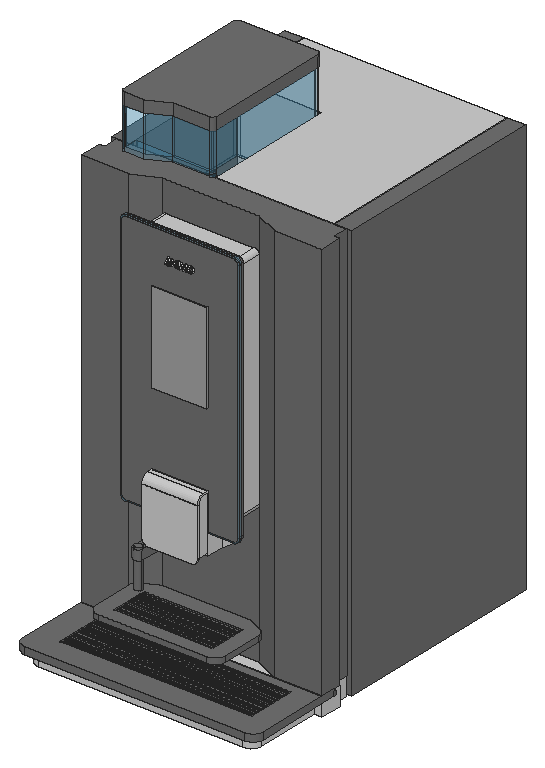
Revit family "QF_Animo_OPTIBEANTOUCH", category Specialty Equipment, Revit 2014
Parameters (values of type "1004906")
  volume [instance] = 0.18
  pricelist [instance] = "Animo Zero Pricelist"
  noPrintable [instance] = yes
  language [instance] = "English"
  currency [instance] = "€"
  Zone ID [instance] = ""
  Weight in Pounds [instance] = 0
  Weight [instance] = 0.00 kg
  Watts [instance] = 2275 W
  Waste Remarks [instance] = ""
  Warranty Start Date [instance] = ""
  Warranty Duration [instance] = ""
  Volts [instance] = 240 V
  Volt Free Conn [instance] = yes
  Ventilation Remarks [instance] = ""
  URL Recommended Spares List [instance] = ""
  URL Manufacturer [instance] = ""
  URL Cutsheet [instance] = ""
  URL Critical Spares List [instance] = ""
  UM [instance] = "NR"
  Type Comments [instance] = ""
  Tags [instance] = ""
  Tag Number [instance] = ""
  SupplierCode [instance] = "0281"
  Status [instance] = ""
  Start Up Current [instance] = 0 A
  Specification by User [instance] = ""
  Specification by Manufacturer [instance] = ""
  Specifi_ZoneProgressive [instance] = 0
  Specifi_ZoneOrder [instance] = 0
  Specifi_ZoneName [instance] = ""
  Specifi_ZoneCode [instance] = ""
  Specifi_ShortDescription [instance] = "OPTIBEAN 3 TOUCH INSTANT COFFEE VENDING MACHINE"
  Specifi_ScheduleProgressive [instance] = 0
  Specifi_ParentElementId [instance] = 0
  Specifi_LongDescription [instance] = "ergy label A +\n TECHNICAL SPECIFICATIONS  \n+ Brewing time per cup (120 ml): 25-30 sec  \n+ Hourly capacity: 120 cups (120 ml) / 14 l  \n+ Capacity brewer: 6.5 – 9.5 gr / 50-150 ml  \n+ Capacity XL brewer: 9.5 – 13.4 gr / 150-230 ml  \n+ Capacity boiler: 1.1 l (1800W)  \n+ Display: 7” touchscreen  \n+ Adjustable cup tray: 60 - 155 mm  \n+ Max. tap height: 167 mm  \n+ Rotary pump (Procon®): 10 bar  \n+ Power supply: 220-240V / 50-60Hz / 2275W  \n+ Water connection: 3⁄4”  \n+ Waste canister volume: 7 l (±130 cups) \nOPTIONS  \n+ Coloured front in any RAL colour  \n+ Compatible with many payment systems  \n+ Prepared for telemetry  \n+ Cup sensor  \n+ Hot and cold from one machine (cooling unit in base cabinet)  \n+ Company specific branding on the exterior of the machine"
  Specifi_IsParent [instance] = yes
  Specifi_EquipmentData [instance] = "(OPTIBEAN 3 TOUCH\t1004906\t1\tANIMO\tANIMO\tOPTIBEAN 3 TOUCH INSTANT COFFEE VENDING MACHINE\t1\t1004906.dwg\t1004906.jpg\t\t€\t0\t409\t565\t792\t0\t0.18\t0\t0\t0\t0\t0\tNR\tEnglish\tFalse\t\t\t\tQF_Animo_OPTIBEANTOUCH.rfa,1004906)"
  Specifi_ConnectionsData [instance] = "(E\t2.275\t240\t0\t50\t1\t\t\t\t\t52.5\t\t\t70\t0)(CW\t\t3/4\"\t0\t0\t0\t0\t\t\t\t55\t\t\t340\t20)"
  Sound Level [instance] = ""
  Solid Fuel Type [instance] = ""
  Show Clearance [instance] = yes
  Service Life Duration [instance] = ""
  Serial Number [instance] = ""
  Seismic Rating [instance] = ""
  SMACNA No [instance] = ""
  RevitItem [instance] = "QF_Animo_OPTIBEANTOUCH.rfa,1004906"
  Revision Code [instance] = ""
  Revision [instance] = ""
  Pwidth [instance] = 0
  Production Year [instance] = ""
  ProductType [instance] = 1
  ProductSKU [instance] = ""
  ProductCode [instance] = "1004906"
  Potential Equalisation [instance] = yes
  Point Load [instance] = 0
  Plumbing Remarks [instance] = ""
  Plumbing Connection Type [instance] = ""
  Pheight [instance] = 0
  Phase [instance] = 1
  PWeight [instance] = 0
  PVolume [instance] = 0
  PDepth [instance] = 0
  OutProduction [instance] = yes
  Operational Current [instance] = 0 A
  No-Load Power Draw [instance] = yes
  NAFEM Spec ID Number [instance] = ""
  Model Warning [instance] = ""
  Model = "OPTIBEAN 3 TOUCH"
  Model [instance] = ""
  Min Ckt Ampacity [instance] = 0 A
  Mechanical Remarks [instance] = ""
  Max Overcurrent Protection [instance] = 0 A
  Masterspec [instance] = ""
  Manufacturer = "ANIMO"
  Manufacturer [instance] = "ANIMO"
  Main switch integrated [instance] = yes
  MU Air RI Height [instance] = 0 mm
  ListPrice [instance] = 0
  Length Actual [instance] = 409 mm
  Item Number [instance] = ""
  InternalTags [instance] = ""
  Installed By [instance] = ""
  Installation Date [instance] = ""
  Image [instance] = "1004906.jpg"
  Identify Quantity as Lot [instance] = yes
  ID [instance] = ""
  Height Actual [instance] = 792 mm
  HP [instance] = "3.05"
  Furnished By [instance] = "ANIMO"
  Foodservice Equipment Identifier [instance] = yes
  FL Amps [instance] = 0 A
  Exhaust RI Height [instance] = 0 mm
  Exhaust Air Temperature [instance] = -273.15 °C
  Exhaust Air Humidity [instance] = 0
  Electrical Remarks [instance] = ""
  Electric Connection Type [instance] = ""
  Elec Conn RI Height [instance] = 0 mm
  Elec Conn Connection Height [instance] = 0 mm
  ETL Approved [instance] = yes
  E-PosY [instance] = 52.5 mm
  E-PosX [instance] = 70 mm
  E-ConnectorSide [instance] = ""
  Digital Interface [instance] = ""
  Description = "OPTIBEAN 3 TOUCH INSTANT COFFEE VENDING MACHINE"
  Description [instance] = "1004906.dwg"
  Depth Actual [instance] = 565 mm
  DWG [instance] = ""
  Cycle [instance] = 50 Hz
  Conn Plug [instance] = ""
  Conn Conduit [instance] = yes
  Condensate Return RI Height [instance] = 0 mm
  Cold Water Temperature Recommended [instance] = -273.15 °C
  Cold Water Size [instance] = 3/4"
  Cold Water RI Height [instance] = 0 mm
  Cold Water Quality [instance] = ""
  Cold Water Minimum Pressure [instance] = 0.0 Pa
  Cold Water Maximum Pressure [instance] = 0.0 Pa
  Cold Water Flow [instance] = 0.0 L/s
  Cold Water Consumption [instance] = 0.0 L/s
  Cold Water Connection Height [instance] = 55 mm
  CW-PosY [instance] = 20 mm
  CW-PosX [instance] = 340 mm
  CW-ConnectorSide [instance] = ""
  CSI MasterFormat [instance] = ""
  CE Approved [instance] = yes
  Barcode [instance] = 0
  Author [instance] = "SPECIFI"
  Asset Identifier [instance] = ""
  Assembly Code = "E1090320"
  Approval URL [instance] = ""
  Apparent Power [instance] = 0 VA
  AccessoryType [instance] = 1
  Accessory [instance] = yes
Reference planes
  plane 1 "Back": y = 0
  plane 2: z = 0
  plane 3 "Left": x = 0
  plane 4 "Right": x = 402
  plane 5 "Front": y = -565
  plane 6 "Top": z = 703.685
Forms (mm)
  Extrusion 1, solid
    sketch origin (-500, 0, 0) x (1, 0, 0) y (0, 1, 0)
      loop
        line (500, -390.191) -> (500, -425.191) -> (579.446, -425.191) -> (619.2, -406.011) -> (781.2, -406.011) -> (822.554, -425.191) -> (902, -425.191) -> (902, -390.191) -> (899.784, -387.975) -> (894.784, -387.975) -> (892.8, -385.991) -> (892.8, -362.601) -> (509.2, -362.601) -> (509.2, -385.991) -> (507.216, -387.975) -> (502.216, -387.975) -> (500, -390.191)
    from 34.648 to 703.685
  Extrusion 2, solid
    sketch origin (-498.603, 0, 0) x (1, 0, 0) y (0, 1, 0)
      loop
        line (529.403, -362.4) -> (529.403, 0) -> (498.603, 0) -> (498.603, -362.4) -> (529.403, -362.4)
      loop
        line (900.603, -362.4) -> (900.603, 0) -> (869.803, 0) -> (869.803, -362.4) -> (900.603, -362.4)
    from 7.785 to 703.685
  Extrusion 3, solid
    sketch origin (-498.603, 0, 0) x (1, 0, 0) y (0, 1, 0)
      loop
        line (529.403, 0) -> (529.403, -140) -> (672.603, -140) -> (672.603, -362.1) -> (869.803, -362.1) -> (869.803, 0) -> (529.403, 0)
    from 703.685 to 75.731
  Extrusion 4, solid
    sketch origin (-498.603, -3.434, 0) x (1, 0, 0) y (0, 1, 0)
      loop
        arc (671.824, -143.963) -> (669.92, -139.365) -> (665.322, -137.461) r 6.502
        line (665.322, -137.461) -> (536.997, -137.461)
        arc (536.997, -137.461) -> (532.399, -139.365) -> (530.495, -143.963) r 6.502
        line (530.495, -143.963) -> (530.495, -351.665)
        arc (530.495, -351.665) -> (532.399, -356.262) -> (536.997, -358.167) r 6.502
        line (536.997, -358.167) -> (665.322, -358.167)
        arc (665.322, -358.167) -> (669.92, -356.262) -> (671.824, -351.665) r 6.502
        line (671.824, -351.665) -> (671.824, -143.963)
      loop
        arc (536.997, -142.461) -> (535.935, -142.901) -> (535.495, -143.963) r 1.502
        line (535.495, -143.963) -> (535.495, -351.665)
        arc (535.495, -351.665) -> (535.935, -352.727) -> (536.997, -353.167) r 1.502
        line (536.997, -353.167) -> (665.322, -353.167)
        arc (665.322, -353.167) -> (666.384, -352.727) -> (666.824, -351.665) r 1.502
        line (666.824, -351.665) -> (666.824, -143.963)
        arc (666.824, -143.963) -> (666.384, -142.901) -> (665.322, -142.461) r 1.502
        line (665.322, -142.461) -> (536.997, -142.461)
    from 703.685 to 591.789
  Extrusion 5, solid
    sketch origin (-498.603, -3.434, 703.685) x (1, 0, 0) y (0, 1, 0)
      loop
        arc (671.824, -143.963) -> (669.92, -139.365) -> (665.322, -137.461) r 6.502
        line (665.322, -137.461) -> (536.997, -137.461)
        arc (536.997, -137.461) -> (532.399, -139.365) -> (530.495, -143.963) r 6.502
        line (530.495, -143.963) -> (530.495, -374.06)
        arc (530.495, -374.06) -> (532.399, -378.657) -> (536.997, -380.562) r 6.502
        line (536.997, -380.562) -> (570.005, -380.562) -> (604.145, -363.167) -> (665.322, -363.167)
        arc (665.322, -363.167) -> (669.92, -361.262) -> (671.824, -356.665) r 6.502
        line (671.824, -356.665) -> (671.824, -143.963)
      loop
        arc (536.997, -142.461) -> (535.935, -142.901) -> (535.495, -143.963) r 1.502
        line (535.495, -143.963) -> (535.495, -351.665)
        arc (535.495, -351.665) -> (535.935, -352.727) -> (536.997, -353.167) r 1.502
        line (536.997, -353.167) -> (665.322, -353.167)
        arc (665.322, -353.167) -> (666.384, -352.727) -> (666.824, -351.665) r 1.502
        line (666.824, -351.665) -> (666.824, -143.963)
        arc (666.824, -143.963) -> (666.384, -142.901) -> (665.322, -142.461) r 1.502
        line (665.322, -142.461) -> (536.997, -142.461)
    from 0 to 5
  Extrusion 6, solid
    sketch origin (-498.603, -3.434, 708.685) x (1, 0, 0) y (0, 1, 0)
      loop
        arc (671.824, -143.963) -> (669.92, -139.365) -> (665.322, -137.461) r 6.502
        line (665.322, -137.461) -> (536.997, -137.461)
        arc (536.997, -137.461) -> (532.399, -139.365) -> (530.495, -143.963) r 6.502
        line (530.495, -143.963) -> (530.495, -374.06)
        arc (530.495, -374.06) -> (532.399, -378.657) -> (536.997, -380.562) r 6.502
        line (536.997, -380.562) -> (570.005, -380.562) -> (604.145, -363.167) -> (665.322, -363.167)
        arc (665.322, -363.167) -> (669.92, -361.262) -> (671.824, -356.665) r 6.502
        line (671.824, -356.665) -> (671.824, -143.963)
      loop
        arc (536.997, -142.461) -> (535.935, -142.901) -> (535.495, -143.963) r 1.502
        line (535.495, -143.963) -> (535.495, -374.06)
        arc (535.495, -374.06) -> (535.935, -375.122) -> (536.997, -375.562) r 1.502
        line (536.997, -375.562) -> (568.805, -375.562) -> (602.945, -358.167) -> (665.322, -358.167)
        arc (665.322, -358.167) -> (666.384, -357.727) -> (666.824, -356.665) r 1.502
        line (666.824, -356.665) -> (666.824, -143.963)
        arc (666.824, -143.963) -> (666.384, -142.901) -> (665.322, -142.461) r 1.502
        line (665.322, -142.461) -> (536.997, -142.461)
    from 0 to 65.1
  Extrusion 7, solid
    sketch origin (-498.603, -3.434, 773.785) x (1, 0, 0) y (0, 1, 0)
      loop
        arc (671.824, -143.963) -> (669.92, -139.365) -> (665.322, -137.461) r 6.502
        line (665.322, -137.461) -> (536.997, -137.461)
        arc (536.997, -137.461) -> (532.399, -139.365) -> (530.495, -143.963) r 6.502
        line (530.495, -143.963) -> (530.495, -374.06)
        arc (530.495, -374.06) -> (532.399, -378.657) -> (536.997, -380.562) r 6.502
        line (536.997, -380.562) -> (570.005, -380.562) -> (604.145, -363.167) -> (665.322, -363.167)
        arc (665.322, -363.167) -> (669.92, -361.262) -> (671.824, -356.665) r 6.502
        line (671.824, -356.665) -> (671.824, -143.963)
    from 0 to 20
  Extrusion 8, solid
    sketch origin (-500, 0, 0) x (1, 0, 0) y (0, 0, 1)
      loop
        line (773.2, 652.585) -> (627.2, 652.585)
        arc (627.2, 652.585) -> (621.543, 650.242) -> (619.2, 644.585) r 8
        line (619.2, 644.585) -> (619.2, 270.585)
        arc (619.2, 270.585) -> (621.543, 264.928) -> (627.2, 262.585) r 8
        line (627.2, 262.585) -> (773.2, 262.585)
        arc (773.2, 262.585) -> (778.857, 264.928) -> (781.2, 270.585) r 8
        line (781.2, 270.585) -> (781.2, 644.585)
        arc (781.2, 644.585) -> (778.857, 650.242) -> (773.2, 652.585) r 8
    from 406.011 to 459.991
  Extrusion 9, solid
    sketch origin (-500, 0, 0) x (1, 0, 0) y (0, 1, 0)
      loop
        line (753.079, -406.011) -> (647.321, -406.011) -> (647.321, -420.491) -> (653.093, -442.034) -> (653.574, -469.58) -> (746.826, -469.58) -> (747.307, -442.034) -> (753.079, -420.491) -> (753.079, -406.011)
    from 210.236 to 306.931
  Extrusion 10, solid
    sketch origin (-500, -489.133, -0.533) x (1, 0, 0) y (0, 0, 1)
      loop
        line (653.574, 295.466) -> (653.574, 214.245)
        arc (653.574, 214.245) -> (656.508, 207.162) -> (663.591, 204.228) r 10.017
        line (663.591, 204.228) -> (736.809, 204.228)
        arc (736.809, 204.228) -> (743.892, 207.162) -> (746.826, 214.245) r 10.017
        line (746.826, 214.245) -> (746.826, 295.466) -> (653.574, 295.466)
    from 0 to 2
  Extrusion 11, solid
    sketch origin (-500, 0, -0.533) x (0, 1, 0) y (0, 0, 1)
      loop
        arc (-479.135, 307.464) -> (-487.619, 303.95) -> (-491.133, 295.466) r 11.998
        line (-491.133, 295.466) -> (-489.133, 295.466)
        arc (-489.133, 295.466) -> (-486.205, 302.536) -> (-479.135, 305.464) r 9.998
        line (-479.135, 305.464) -> (-469.58, 305.464) -> (-469.58, 307.464) -> (-479.135, 307.464)
    from 653.574 to 746.826
  Extrusion 12, solid
    sketch origin (0, 0, 0) x (0, 1, 0) y (0, 0, 1)
      loop
        line (-489.133, 214.245) -> (-469.58, 214.245) -> (-469.58, 304.931) -> (-479.135, 304.931)
        arc (-479.135, 304.931) -> (-486.205, 302.002) -> (-489.133, 294.932) r 9.998
        line (-489.133, 294.932) -> (-489.133, 214.245)
    from 246.467 to 153.574
  Extrusion 13, solid
    sketch origin (-500, 0, 0) x (1, 0, 0) y (0, 0, 1)
      loop
        arc (610.2, 669.585) -> (605.25, 667.535) -> (603.2, 662.585) r 7
        line (603.2, 662.585) -> (603.2, 252.585)
        arc (603.2, 252.585) -> (605.25, 247.636) -> (610.2, 245.585) r 7
        line (610.2, 245.585) -> (654.259, 245.585) -> (654.259, 307.464) -> (746.141, 307.464) -> (746.141, 245.585) -> (790.2, 245.585)
        arc (790.2, 245.585) -> (795.15, 247.636) -> (797.2, 252.585) r 7
        line (797.2, 252.585) -> (797.2, 662.585)
        arc (797.2, 662.585) -> (795.15, 667.535) -> (790.2, 669.585) r 7
        line (790.2, 669.585) -> (610.2, 669.585)
    from 459.991 to 469.566
  Extrusion 14, solid
    sketch origin (-500, -120, 0) x (1, 0, 0) y (0, 0, 1)
      loop
        line (610.2, 669.585) -> (790.2, 669.585)
        arc (790.2, 669.585) -> (795.15, 667.535) -> (797.2, 662.585) r 7
        line (797.2, 662.585) -> (797.2, 252.585)
        arc (797.2, 252.585) -> (795.15, 247.636) -> (790.2, 245.585) r 7
        line (790.2, 245.585) -> (746.141, 245.585) -> (746.141, 242.585) -> (790.2, 242.585)
        arc (790.2, 242.585) -> (797.271, 245.514) -> (800.2, 252.585) r 10
        line (800.2, 252.585) -> (800.2, 662.585)
        arc (800.2, 662.585) -> (797.271, 669.656) -> (790.2, 672.585) r 10
        line (790.2, 672.585) -> (610.2, 672.585)
        arc (610.2, 672.585) -> (603.129, 669.656) -> (600.2, 662.585) r 10
        line (600.2, 662.585) -> (600.2, 252.585)
        arc (600.2, 252.585) -> (603.129, 245.514) -> (610.2, 242.585) r 10
        line (610.2, 242.585) -> (654.259, 242.585) -> (654.259, 245.585) -> (610.2, 245.585)
        arc (610.2, 245.585) -> (605.25, 247.636) -> (603.2, 252.585) r 7
        line (603.2, 252.585) -> (603.2, 662.585)
        arc (603.2, 662.585) -> (605.25, 667.535) -> (610.2, 669.585) r 7
    from 345 to 349.566
  Extrusion 15, solid
    sketch origin (-500, -469.566, 0) x (1, 0, 0) y (0, 0, 1)
      loop
        line (654.7, 582.585) -> (654.7, 430.585) -> (745.7, 430.585) -> (745.7, 582.585) -> (654.7, 582.585)
    from 0 to 2
  Extrusion 16, solid, visible <- "Show Clearance"
    sketch origin (-500, -469.566, 0) x (1, 0, 0) y (0, 0, 1)
      loop
        line (676.45, 623.922) -> (677.642, 623.922) -> (681.258, 631.675) -> (684.681, 623.922) -> (686.065, 623.922) -> (681.258, 635.2) -> (676.45, 623.922)
      loop
        line (686.987, 623.922) -> (688.064, 623.922) -> (688.064, 630.993) -> (695.136, 623.922) -> (696.273, 623.922) -> (696.273, 634.164) -> (695.136, 634.164) -> (695.136, 625.946) -> (686.987, 634.095) -> (686.987, 623.922)
      loop
        line (698.118, 634.164) -> (698.118, 623.922) -> (699.253, 623.922) -> (699.253, 634.164) -> (698.118, 634.164)
      loop
        line (700.762, 623.922) -> (701.883, 623.922) -> (703.255, 631.701) -> (706.885, 623.186) -> (710.143, 630.829) -> (711.571, 623.922) -> (712.691, 623.922) -> (710.574, 634.164) -> (709.453, 634.164) -> (706.622, 627.522) -> (703.689, 634.164) -> (702.568, 634.164) -> (700.762, 623.922)
      loop
        circle (718.601, 629.021) r 5.143
      loop
        circle (718.601, 629.021) r 4.034
      loop
        circle (681.032, 623.922) r 1.435
    from 0 to 2
  Extrusion 17, solid
    sketch origin (-500, 0, 0) x (1, 0, 0) y (0, 1, 0)
      loop
        line (598.815, -416.144) -> (598.454, -439.586)
        arc (598.454, -439.586) -> (605.409, -447.747) -> (614.569, -442.173) r 8.265
        line (614.569, -442.173) -> (615.157, -408.524) -> (598.815, -416.144)
    from 145 to 160.101
  Extrusion 18, solid
    sketch origin (-500, 0, 0) x (1, 0, 0) y (0, 1, 0)
      loop
        circle (606.4, -439.772) r 6.186
    from 41.241 to 162.271
  Extrusion 19, solid
    sketch origin (-500, 0, -102.5) x (1, 0, 0) y (0, 1, 0)
      loop
        line (598.815, -416.144) -> (598.454, -439.586)
        arc (598.454, -439.586) -> (605.409, -447.747) -> (614.569, -442.173) r 8.265
        line (614.569, -442.173) -> (615.157, -408.524) -> (598.815, -416.144)
    from 145 to 160.101
  Extrusion 20, solid
    sketch origin (-500, 0, 0) x (1, 0, 0) y (0, 1, 0)
      loop
        line (592.478, -439.964) -> (592.478, -509.772)
        arc (592.478, -509.772) -> (597.523, -521.95) -> (609.7, -526.994) r 17.222
        line (609.7, -526.994) -> (790.7, -526.994)
        arc (790.7, -526.994) -> (802.877, -521.95) -> (807.922, -509.772) r 17.222
        line (807.922, -509.772) -> (807.922, -439.964)
        arc (807.922, -439.964) -> (806.08, -433.09) -> (801.048, -428.058) r 13.747
        line (801.048, -428.058) -> (778.578, -417.099) -> (772.802, -415.551) -> (627.598, -415.551) -> (621.822, -417.099) -> (599.352, -428.058)
        arc (599.352, -428.058) -> (594.32, -433.09) -> (592.478, -439.964) r 13.747
      loop
        line (618.4, -441.798) -> (618.4, -505.747) -> (782, -505.747) -> (782, -441.798) -> (618.4, -441.798)
    from 90 to 99.2
  Extrusion 21, solid
    sketch origin (0, 0, 94.2) x (1, 0, 0) y (0, 1, 0)
      loop
        line (118.4, -501.78) -> (282, -501.78) -> (282, -499.28) -> (118.4, -499.28) -> (118.4, -501.78)
      loop
        line (118.4, -492.105) -> (282, -492.105) -> (282, -489.605) -> (118.4, -489.605) -> (118.4, -492.105)
      loop
        line (118.4, -496.943) -> (282, -496.943) -> (282, -494.443) -> (118.4, -494.443) -> (118.4, -496.943)
      loop
        line (118.4, -487.267) -> (282, -487.267) -> (282, -484.767) -> (118.4, -484.767) -> (118.4, -487.267)
      loop
        line (118.4, -482.429) -> (282, -482.429) -> (282, -479.929) -> (118.4, -479.929) -> (118.4, -482.429)
      loop
        line (118.4, -477.591) -> (282, -477.591) -> (282, -475.091) -> (118.4, -475.091) -> (118.4, -477.591)
      loop
        line (118.4, -472.437) -> (282, -472.437) -> (282, -469.937) -> (118.4, -469.937) -> (118.4, -472.437)
      loop
        line (118.4, -467.6) -> (282, -467.6) -> (282, -465.1) -> (118.4, -465.1) -> (118.4, -467.6)
      loop
        line (118.4, -462.762) -> (282, -462.762) -> (282, -460.262) -> (118.4, -460.262) -> (118.4, -462.762)
      loop
        line (118.4, -457.924) -> (282, -457.924) -> (282, -455.424) -> (118.4, -455.424) -> (118.4, -457.924)
      loop
        line (118.4, -453.086) -> (282, -453.086) -> (282, -450.586) -> (118.4, -450.586) -> (118.4, -453.086)
      loop
        line (118.4, -448.248) -> (282, -448.248) -> (282, -445.748) -> (118.4, -445.748) -> (118.4, -448.248)
    from 0 to 5
  Extrusion 22, solid
    sketch origin (0, 0, 0) x (1, 0, 0) y (0, 1, 0)
      loop
        circle (106.4, -439.772) r 12.086
    from 90 to 69.831
  Extrusion 23, solid
    sketch origin (-500, -38.006, 0) x (1, 0, 0) y (0, 1, 0)
      loop
        line (500, -361.874) -> (500, -509.772)
        arc (500, -509.772) -> (505.044, -521.95) -> (517.222, -526.994) r 17.222
        line (517.222, -526.994) -> (884.778, -526.994)
        arc (884.778, -526.994) -> (896.956, -521.95) -> (902, -509.772) r 17.222
        line (902, -509.772) -> (902, -361.874)
        arc (902, -361.874) -> (900.158, -355.001) -> (895.126, -349.969) r 13.747
        line (895.126, -349.969) -> (506.874, -349.969)
        arc (506.874, -349.969) -> (501.842, -355.001) -> (500, -361.874) r 13.747
      loop
        line (544.388, -403.239) -> (544.388, -487.294) -> (862.872, -487.294) -> (862.872, -403.239) -> (544.388, -403.239)
    from 34.648 to 23.5
  Extrusion 24, solid
    sketch origin (-74.012, -19.553, 29.648) x (1, 0, 0) y (0, 1, 0)
      loop
        line (118.4, -503.78) -> (436.883, -503.78) -> (436.883, -501.28) -> (118.4, -501.28) -> (118.4, -503.78)
      loop
        line (118.4, -494.105) -> (436.883, -494.105) -> (436.883, -491.605) -> (118.4, -491.605) -> (118.4, -494.105)
      loop
        line (118.4, -498.943) -> (436.883, -498.943) -> (436.883, -496.443) -> (118.4, -496.443) -> (118.4, -498.943)
      loop
        line (118.4, -489.267) -> (436.883, -489.267) -> (436.883, -486.767) -> (118.4, -486.767) -> (118.4, -489.267)
      loop
        line (118.4, -484.429) -> (436.883, -484.429) -> (436.883, -481.929) -> (118.4, -481.929) -> (118.4, -484.429)
      loop
        line (118.4, -479.591) -> (436.883, -479.591) -> (436.883, -477.091) -> (118.4, -477.091) -> (118.4, -479.591)
      loop
        line (118.4, -474.437) -> (436.883, -474.437) -> (436.883, -471.937) -> (118.4, -471.937) -> (118.4, -474.437)
      loop
        line (118.4, -469.6) -> (436.883, -469.6) -> (436.883, -467.1) -> (118.4, -467.1) -> (118.4, -469.6)
      loop
        line (118.4, -464.762) -> (436.883, -464.762) -> (436.883, -462.262) -> (118.4, -462.262) -> (118.4, -464.762)
      loop
        line (118.4, -459.924) -> (436.883, -459.924) -> (436.883, -457.424) -> (118.4, -457.424) -> (118.4, -459.924)
      loop
        line (118.4, -455.086) -> (436.883, -455.086) -> (436.883, -452.586) -> (118.4, -452.586) -> (118.4, -455.086)
      loop
        line (118.4, -450.248) -> (436.883, -450.248) -> (436.883, -447.748) -> (118.4, -447.748) -> (118.4, -450.248)
      loop
        line (118.4, -445.41) -> (436.883, -445.41) -> (436.883, -442.91) -> (118.4, -442.91) -> (118.4, -445.41)
      loop
        line (118.4, -440.573) -> (436.883, -440.573) -> (436.883, -438.073) -> (118.4, -438.073) -> (118.4, -440.573)
      loop
        line (118.4, -435.735) -> (436.883, -435.735) -> (436.883, -433.235) -> (118.4, -433.235) -> (118.4, -435.735)
      loop
        line (118.4, -430.897) -> (436.883, -430.897) -> (436.883, -428.397) -> (118.4, -428.397) -> (118.4, -430.897)
      loop
        line (118.4, -426.059) -> (436.883, -426.059) -> (436.883, -423.559) -> (118.4, -423.559) -> (118.4, -426.059)
    from 0 to 5
  Extrusion 25, solid
    sketch origin (-497.903, 0, 0) x (1, 0, 0) y (0, 1, 0)
      loop
        line (529.103, -0.8) -> (529.103, -395.25) -> (869.103, -395.25) -> (869.103, -0.8) -> (529.103, -0.8)
    from 3 to 75.731
  Extrusion 26, solid
    sketch origin (-500, 0, 0) x (1, 0, 0) y (0, 1, 0)
      loop
        line (501.7, -425.291) -> (901.7, -425.291) -> (901.7, -388.641) -> (892.481, -388.641) -> (892.481, -363.291) -> (510.919, -363.291) -> (510.919, -388.641) -> (501.7, -388.641) -> (501.7, -425.291)
    from 3 to 34.648
  Extrusion 27, solid
    sketch origin (-500, 0, 0) x (1, 0, 0) y (0, 1, 0)
      loop
        line (512.05, -423.641) -> (512.05, -533.641)
        arc (512.05, -533.641) -> (517.228, -546.141) -> (529.728, -551.318) r 17.678
        line (529.728, -551.318) -> (871.056, -551.318)
        arc (871.056, -551.318) -> (883.556, -546.141) -> (888.734, -533.641) r 17.678
        line (888.734, -533.641) -> (888.734, -423.641) -> (512.05, -423.641)
    from 23.5 to 3.137
  Extrusion 28, solid
    sketch origin (-500, 2, 0) x (1, 0, 0) y (0, 0, 1)
      loop
        line (587.553, 66.635) -> (552.053, 66.635) -> (552.053, 39.135) -> (587.553, 39.135) -> (587.553, 66.635)
    from 0 to 2
  Extrusion 29, solid
    sketch origin (-512.434, 0, 0) x (1, 0, 0) y (0, 0, 1)
      loop
        circle (848.353, 53.685) r 13.35
      loop
        circle (848.353, 53.685) r 11.35
    from 15.25 to -18.59
  Extrusion 30, solid
    sketch origin (-500, 0, 0) x (1, 0, 0) y (0, 1, 0)
      loop
        circle (519.103, -49.802) r 7.302
      loop
        circle (519.103, -332.298) r 7.302
      loop
        circle (879.897, -49.802) r 7.302
      loop
        circle (879.897, -332.298) r 7.302
    from 0 to 7.785
Cuts and joins
  joined: Extrusion 4, Extrusion 5, Extrusion 6
  joined: Extrusion 8, Extrusion 9
Lines and regions (mm)
  symbolic lines, style "200-EquipBorder-2D"
    curve 1: line (0, 0, 0) -> (0, -362.4, 0)
    curve 2: line (0, -362.4, 0) -> (10, -362.4, 0)
    curve 3: line (10, -362.4, 0) -> (10, -387.4, 0)
    curve 4: line (10, -387.4, 0) -> (0, -387.4, 0)
    curve 5: line (0, -387.4, 0) -> (0, -425.191, 0)
    curve 6: line (0, -425.191, 0) -> (79.446, -425.191, 0)
    curve 7: line (79.446, -425.191, 0) -> (119.2, -406.011, 0)
    curve 8: line (119.2, -406.011, 0) -> (281.2, -406.011, 0)
    curve 9: line (281.2, -406.011, 0) -> (322.554, -425.191, 0)
    curve 10: line (322.554, -425.191, 0) -> (402, -425.191, 0)
    curve 11: line (402, -362.4, 0) -> (392, -362.4, 0)
    curve 12: line (392, -362.4, 0) -> (392, -387.4, 0)
    curve 13: line (392, -387.4, 0) -> (402, -387.4, 0)
    curve 14: line (402, -387.4, 0) -> (402, -425.191, 0)
    curve 15: line (99.323, -415.601, 0) -> (99.323, -428.072, 0)
    curve 16: line (115.167, -407.957, 0) -> (115.167, -420.345, 0)
    curve 17: line (115.167, -420.345, 0) -> (119.2, -418.016, 0)
    curve 18: line (0, -425.191, 0) -> (0, -547.778, 0)
    curve 19: arc (0, -547.778, 0) -> (5.044, -559.956, 0) -> (17.222, -565, 0) r 17.222
    curve 20: line (17.222, -565, 0) -> (384.778, -565, 0)
    curve 21: line (402, -425.191, 0) -> (402, -547.778, 0)
    curve 22: arc (402, -547.778, 0) -> (396.956, -559.956, 0) -> (384.778, -565, 0) r 17.222
    curve 23: arc (92.478, -439.966, 0) -> (94.312, -433.105, 0) -> (99.323, -428.072, 0) r 13.756
    curve 24: line (92.478, -439.966, 0) -> (92.478, -509.772, 0)
    curve 25: arc (92.478, -509.772, 0) -> (97.523, -521.95, 0) -> (109.7, -526.994, 0) r 17.222
    curve 26: line (109.7, -526.994, 0) -> (290.7, -526.994, 0)
    curve 27: arc (307.922, -439.966, 0) -> (305.825, -432.666, 0) -> (300.174, -427.592, 0) r 13.756
    curve 28: line (307.922, -439.966, 0) -> (307.922, -509.772, 0)
    curve 29: arc (307.922, -509.772, 0) -> (302.877, -521.95, 0) -> (290.7, -526.994, 0) r 17.222
    curve 30: line (281.2, -418.377, 0) -> (300.174, -427.592, 0)
    curve 42: line (402, 0, 0) -> (402, -362.4, 0)
    curve 43: line (119.2, -406.011, 0) -> (119.2, -459.991, 0)
    curve 44: line (103.2, -459.991, 0) -> (103.2, -464.778, 0)
    curve 45: line (100.2, -464.778, 0) -> (100.2, -469.566, 0)
    curve 46: line (100.2, -469.566, 0) -> (153.2, -469.566, 0)
    curve 47: line (153.2, -491.133, 0) -> (246.826, -491.133, 0)
    curve 48: line (246.826, -491.133, 0) -> (246.826, -469.58, 0)
    curve 49: line (246.826, -469.58, 0) -> (300.351, -469.58, 0)
    curve 50: line (300.351, -469.58, 0) -> (300.351, -465, 0)
    curve 51: line (300.351, -465, 0) -> (297.2, -465, 0)
    curve 52: line (297.2, -459.991, 0) -> (281.2, -459.991, 0)
    curve 58: line (119.2, -459.991, 0) -> (103.2, -459.991, 0)
    curve 59: line (100.2, -464.778, 0) -> (103.2, -464.778, 0)
    curve 60: line (297.2, -459.991, 0) -> (297.2, -465, 0)
    curve 61: line (281.2, -459.991, 0) -> (281.2, -406.011, 0)
    curve 62: line (153.2, -491.133, 0) -> (153.2, -469.566, 0)
    curve 65: line (0, 0, 0) -> (402, 0, 0)
    curve 66: line (349.269, 18.59, 0) -> (349.269, 0, 0)
    curve 67: line (349.269, 18.59, 0) -> (322.568, 18.59, 0)
    curve 68: line (322.568, 18.59, 0) -> (322.568, 0, 0)
  symbolic lines, style "200-EquipInternal-2D"
    curve 31: line (10, -362.4, 0) -> (30.8, -362.4, 0)
    curve 32: line (30.8, 0, 0) -> (30.8, -377.4, 0)
    curve 33: arc (30.8, -377.4, 0) -> (32.705, -381.999, 0) -> (37.304, -383.904, 0) r 6.504
    curve 34: line (37.304, -383.904, 0) -> (72.304, -383.904, 0)
    curve 35: line (72.304, -383.904, 0) -> (106.264, -366.601, 0)
    curve 36: line (106.264, -366.601, 0) -> (166.719, -366.601, 0)
    curve 37: arc (166.719, -366.601, 0) -> (171.317, -364.697, 0) -> (173.221, -360.099, 0) r 6.502
    curve 38: line (173.221, -360.099, 0) -> (173.221, -147.397, 0)
    curve 39: arc (173.221, -147.397, 0) -> (171.317, -142.8, 0) -> (166.719, -140.895, 0) r 6.502
    curve 40: line (166.719, -140.895, 0) -> (37.302, -140.895, 0)
    curve 41: arc (37.302, -140.895, 0) -> (32.704, -142.8, 0) -> (30.8, -147.397, 0) r 6.502
    curve 53: line (119.2, -459.991, 0) -> (281.2, -459.991, 0)
    curve 54: line (153.2, -469.566, 0) -> (246.808, -469.566, 0)
    curve 55: line (99.323, -428.072, 0) -> (99.323, -439.584, 0)
    curve 56: line (114.615, -439.584, 0) -> (115.167, -420.345, 0)
    curve 57: arc (114.615, -439.584, 0) -> (106.969, -447.23, 0) -> (99.323, -439.584, 0) r 7.646
    curve 63: line (392, -362.4, 0) -> (172.801, -362.4, 0)
    curve 64: line (371.2, 0, 0) -> (371.2, -362.4, 0)
Dimensions and locks
  aligned and locked: level to plane 2
Connectors
  electrical at (69.803, 0, 52.885)
    settings: on Extrusion 28, index 1, voltage 0 V, apparent load 0 VA, apparent load phase1 0 VA, apparent load phase2 0 VA, apparent load phase3 0 VA, power factor 1, load classification "Other", number of poles 1, system type 31, power factor state 1, is connector primary yes, connector utility no, sub classification motor no, connector description "Electrical Connection"
  piping at (335.919, 18.59, 53.685), diameter 20
    settings: on Extrusion 29, index 2, connector inside diameter 24", connector length 0 mm, flow factor 0, pipe flow 0.0 L/s, pressure drop 0.0 Pa, fitting loss kfactor 0, connector angle 0.00°, fixture units 0, engagement length 0 mm, angle of deflection 0.00°, flow configuration 0, flow direction 1, fitting loss method 0, system type 20, joint type 0, gender type 0, connector reference index -1, connector utility 0, adjustable connector no, is connector primary yes, connector description "Cold Water Connection"
